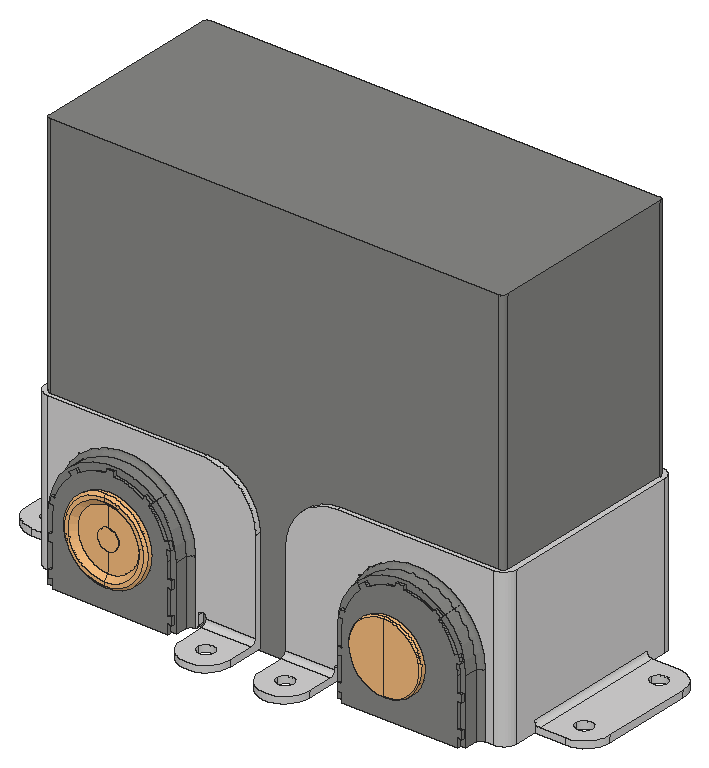
Revit family "Valve-One_Outlet_Thermostatic-KOHLER-K-26339_1", category Plumbing Fixtures, host Face, Revit 2017 (continued)
Definition of nested family "K-26339"
  Automatic sketch dimensions
    plane 12 "A" to curve 109 = 0.25591"
    curve 86 to curve 90 = 0.11811"
    curve 52 to curve 53 = 0.11811"
    curve 144 to curve 145 = 0.11811"
    curve 109 to curve 110 = 0.11811"
    plane 11 to curve 30 = 0.61024"
    curve 131 to curve 94 = 0.32718"
    curve 118 to curve 118 = 0.04664"
    curve 128 to curve 126 = 0.04664"
    curve 72 to curve 71 = 0.04664"
    curve 60 to curve 62 = 0.04664"
    curve 125 to curve 124 = 0.05918"
    curve 68 to curve 67 = 0.05918"
    curve 93 to curve 206 = 0.84371"
    curve 205 to curve 207 = 0.38428"
    curve 206 to curve 201 = 0.47517"
    curve 207 to curve 202 = 0.47517"
    curve 202 to curve 202 = 1.1811"
    curve 201 to curve 203 = 1.1811"
    curve 158 to plane 8 = 0.37402"
    plane 4 to curve 158 = 0.94488"
    level to curve 38 = 0.01969"
    curve 38 to curve 81 = 0.32315"
    plane 3 "Center (Left/Right)" to curve 205 = 0.00149"
    plane 5 to curve 158 = 0.94488"
    level to curve 103 = 0.01969"
    curve 138 to curve 103 = 0.32315"
    curve 101 to curve 96 = 0.09839"
    curve 30 to curve 36 = 0.09843"
    level to curve 157 = 0.33465"
    level to curve 43 = 0.34445"
    curve 150 to curve 151 = 0.01969"
    curve 42 to curve 44 = 0.03942"
    curve 41 to curve 40 = 0.05704"
    curve 151 to curve 155 = 0.11308"
    curve 40 to curve 46 = 0.07881"
    curve 152 to curve 154 = 0.05913"
    Extrusion 1 sketch curve to plane 19 = 0.15748"  (x2)
    plane 4 to Extrusion 1 sketch curve = 0.94488"
    Extrusion 1 sketch curve to plane 19 = 0.07874"
    Extrusion 1 sketch curve to Extrusion 1 sketch curve = 0.07874"  (x2)
    plane 5 to Extrusion 1 sketch curve = 1.02362"
    plane 20 to Extrusion 1 sketch curve = 0.07874"
    plane 4 to Extrusion 2 sketch curve = 0.84646"
    level to Extrusion 2 sketch curve = 0.01969"  (x4)
    Extrusion 2 sketch curve to plane 17 = 0.54331"
    Extrusion 2 sketch curve to Extrusion 2 sketch curve = 0.05118"  (x2)
    Extrusion 2 sketch curve to Extrusion 2 sketch curve = 0.05906"  (x2)
    Extrusion 2 sketch curve to plane 17 = 0.41339"
    Extrusion 2 sketch curve to plane 3 "Center (Left/Right)" = 0.22638"
    plane 3 "Center (Left/Right)" to Extrusion 2 sketch curve = 0.22638"
    Extrusion 2 sketch curve to plane 18 = 0.37402"
    Extrusion 2 sketch curve to plane 18 = 0.41339"
    plane 5 to Extrusion 2 sketch curve = 0.84646"
    Extrusion 2 sketch curve to Extrusion 2 sketch curve = 0.14564"  (x2)
    plane 11 to Extrusion 2 sketch curve = 0.61024"
    Extrusion 2 sketch curve to Extrusion 2 sketch curve = 0"
    Sweep 3 sketch curve to profile plane = 0"  (x2)
    Sweep 3 sketch curve to profile plane = 0.19685"
    Sweep 4 sketch curve to profile plane = 0"  (x2)
    Sweep 4 sketch curve to profile plane = 0.19685"
    profile plane to Sweep 5 sketch curve = 0"
    Sweep 5 sketch curve to profile plane = 0"
    Sweep 5 sketch curve to profile plane = 0.19685"
    profile plane to Sweep 6 sketch curve = 0"
    Sweep 6 sketch curve to profile plane = 0"
    Sweep 6 sketch curve to profile plane = 0.19685"
    Extrusion 7 sketch curve to Extrusion 7 sketch curve = 0"  (x12)
    Extrusion 7 sketch curve to plane 4 = 0"
    Extrusion 7 sketch curve to plane 15 = 0"  (x2)
    plane 16 to Extrusion 7 sketch curve = 0"  (x2)
    Extrusion 7 sketch curve to plane 19 = 0"  (x2)
    Extrusion 7 sketch curve to plane 20 = 0"  (x2)
    Extrusion 7 sketch curve to plane 17 = 0"  (x2)
    Extrusion 7 sketch curve to plane 18 = 0"  (x2)
    Extrusion 7 sketch curve to plane 5 = 0"
    plane 4 to Extrusion 7 sketch curve = 0.37402"  (x2)
    Extrusion 7 sketch curve to Extrusion 7 sketch curve = 0.47244"
    Extrusion 7 sketch curve to plane 17 = 0.37401"  (x2)
    plane 3 "Center (Left/Right)" to Extrusion 7 sketch curve = 0.22639"  (x2)
    plane 15 to Extrusion 7 sketch curve = 0.35433"
    plane 5 to Extrusion 7 sketch curve = 0.84646"
    plane 5 to Extrusion 7 sketch curve = 0.37402"  (x2)
    plane 14 to Extrusion 7 sketch curve = 0.07874"  (x2)
    plane 16 to Extrusion 7 sketch curve = 0.35433"
    Extrusion 7 sketch curve to Extrusion 7 sketch curve = 0.35433"
    Extrusion 7 sketch curve to plane 15 = 0.01969"
    plane 13 to Extrusion 7 sketch curve = 0.07874"  (x2)
    level to Extrusion 8 sketch curve = 0.01969"  (x2)
    Extrusion 8 sketch curve to plane 10 "1" = 0.95968"
    plane 11 to Extrusion 8 sketch curve = 0.00264"
    plane 10 "1" to Extrusion 8 sketch curve = 0.01473"
    plane 11 to Extrusion 8 sketch curve = 0.00659"
    Extrusion 8 sketch curve to plane 18 = 0.62008"
    Extrusion 8 sketch curve to plane 9 "2" = 0.17717"
    Extrusion 9 sketch curve to Extrusion 9 sketch curve = 0"  (x66)
    Extrusion 9 sketch curve to level = 0"  (x2)
    Extrusion 9 sketch curve to plane 11 = 0"  (x3)
    Extrusion 9 sketch curve to plane 10 "1" = 0"
    plane 9 "2" to Extrusion 9 sketch curve = 0"
    Extrusion 9 sketch curve to plane 12 "A" = 0"
    Extrusion 9 sketch curve to plane 10 "1" = 0.04432"
    Extrusion 9 sketch curve to Extrusion 9 sketch curve = 0.43249"  (x3)
    Extrusion 9 sketch curve to Extrusion 9 sketch curve = 0.03644"  (x8)
    Extrusion 9 sketch curve to Extrusion 9 sketch curve = 0.09307"  (x4)
    plane 11 to Extrusion 9 sketch curve = 0.26874"  (x4)
    Extrusion 9 sketch curve to Extrusion 9 sketch curve = 0.24912"  (x3)
    plane 11 to Extrusion 9 sketch curve = 0.15414"  (x3)
    Extrusion 9 sketch curve to Extrusion 9 sketch curve = 0.02857"  (x4)
    Extrusion 9 sketch curve to Extrusion 9 sketch curve = 0.01367"
    plane 11 to Extrusion 9 sketch curve = 0.28306"  (x4)
    Extrusion 9 sketch curve to Extrusion 9 sketch curve = 0.05742"  (x3)
    Extrusion 9 sketch curve to Extrusion 9 sketch curve = 0.05906"  (x9)
    plane 10 "1" to Extrusion 9 sketch curve = 0.07379"
    Extrusion 9 sketch curve to plane 17 = 0.7185"
    plane 12 "A" to Extrusion 9 sketch curve = 0.1378"
    Extrusion 9 sketch curve to plane 18 = 0.65945"
    plane 11 to Extrusion 9 sketch curve = 0.16845"
    Extrusion 9 sketch curve to Extrusion 9 sketch curve = 0.0153"
    level to Extrusion 9 sketch curve = 1.13839"
    plane 9 "2" to Extrusion 9 sketch curve = 0.44389"
    Extrusion 9 sketch curve to plane 9 "2" = 0.11811"
    Extrusion 9 sketch curve to Extrusion 9 sketch curve = 0.11811"  (x9)
    Extrusion 9 sketch curve to Extrusion 9 sketch curve = 0.1378"  (x3)
    level to Extrusion 9 sketch curve = 0.1378"
    plane 12 "A" to Extrusion 9 sketch curve = 0.25591"  (x3)
    Extrusion 9 sketch curve to Extrusion 9 sketch curve = 0.04664"  (x4)
    Extrusion 9 sketch curve to Extrusion 9 sketch curve = 0.05918"  (x2)
    Revolve 10 sketch curve to plane 11 = 0"  (x3)
    Revolve 10 sketch curve to plane 14 = 0"
    Revolve 10 sketch curve to plane 13 = 0"
    Revolve 10 sketch curve to plane 13 = 0.07881"
    plane 11 to Revolve 10 sketch curve = 0.46454"  (x2)
    Revolve 10 sketch curve to plane 14 = 0.07881"
    Revolve 10 sketch curve to Revolve 10 sketch curve = 0.07881"  (x2)
    Revolve 10 sketch curve to Revolve 10 sketch curve = 0.05704"  (x2)
    Revolve 10 sketch curve to Revolve 10 sketch curve = 0.03942"
    Revolve 10 sketch curve to plane 19 = 0.07874"
    Revolve 10 sketch curve to Revolve 10 sketch curve = 0.17527"
    Revolve 10 sketch curve to plane 13 = 0.03942"
    plane 20 to Revolve 10 sketch curve = 0.07874"
    Revolve 10 sketch curve to plane 14 = 0.03942"
    plane 6 to Revolve 10 sketch curve = 0.19685"
    Revolve 10 sketch curve to Revolve 10 sketch curve = 0.07874"
    plane 12 "A" to Revolve 11 sketch curve = 0"  (x3)
    Revolve 11 sketch curve to plane 13 = 0.01969"
    Revolve 11 sketch curve to plane 14 = 0.01969"
    plane 11 to Revolve 11 sketch curve = 0.43307"
    Revolve 11 sketch curve to plane 14 = 0.04488"
    Revolve 11 sketch curve to Revolve 11 sketch curve = 0.01969"  (x2)
    Revolve 11 sketch curve to Revolve 11 sketch curve = 0.0252"
    plane 19 to Revolve 11 sketch curve = 0.01969"
    Revolve 11 sketch curve to plane 20 = 0.01969"
    Revolve 11 sketch curve to Revolve 11 sketch curve = 0.07382"
    Revolve 11 sketch curve to Revolve 11 sketch curve = 0"
    Sweep 12 sketch curve to profile plane = 0"
    profile plane to Sweep 12 sketch curve = 0"
    profile plane to Sweep 12 sketch curve = 0.07874"
    profile plane to Sweep 13 sketch curve = 0"
    Sweep 13 sketch curve to profile plane = 0"
    Sweep 13 sketch curve to Sweep 13 sketch curve = 0.07874"
    Sweep 14 sketch curve to profile plane = 0"
    profile plane to Sweep 14 sketch curve = 0"
    profile plane to Sweep 14 sketch curve = 0.07874"
    profile plane to Sweep 15 sketch curve = 0"
    Sweep 15 sketch curve to profile plane = 0"
    Sweep 15 sketch curve to Sweep 15 sketch curve = 0.07874"
    plane 20 to Extrusion 16 sketch curve = 0.15748"
    plane 4 to Extrusion 16 sketch curve = 0.94488"
    Extrusion 16 sketch curve to Extrusion 16 sketch curve = 0.07874"  (x2)
    plane 20 to Extrusion 16 sketch curve = 0.07874"
    Extrusion 16 sketch curve to plane 19 = 0.07874"
    plane 5 to Extrusion 16 sketch curve = 1.02362"  (x2)
    level to Extrusion 17 sketch curve = 0.11811"  (x2)
    plane 4 to Extrusion 17 sketch curve = 0.76772"
    Extrusion 17 sketch curve to Extrusion 17 sketch curve = 0.07874"  (x2)
    plane 5 to Extrusion 17 sketch curve = 0.84646"
    Extrusion 18 sketch curve to plane 20 = 0"
    Extrusion 18 sketch curve to plane 19 = 0"
    Extrusion 18 sketch curve to plane 20 = 0.07874"
    Extrusion 18 sketch curve to Extrusion 18 sketch curve = 0.07874"
    level to Extrusion 18 sketch curve = 0.11811"  (x2)
    Extrusion 19 sketch curve to plane 20 = 0"
    Extrusion 19 sketch curve to plane 19 = 0"
    Extrusion 19 sketch curve to plane 20 = 0.07874"
    Extrusion 19 sketch curve to Extrusion 19 sketch curve = 0.07874"
    level to Extrusion 19 sketch curve = 0.11811"  (x2)
    Masking region 1 sketch curve to plane 20 = 0"
    Masking region 1 sketch curve to plane 19 = 0"
    plane 20 to Masking region 1 sketch curve = 0.19685"
    Masking region 1 sketch curve to Masking region 1 sketch curve = 0.19685"  (x2)
    Masking region 1 sketch curve to plane 19 = 0.19685"
    Masking region 2 sketch curve to plane 4 = 0"
    Masking region 2 sketch curve to level = 0"
    Masking region 2 sketch curve to plane 8 = 0"
    plane 5 to Masking region 2 sketch curve = 0"
    level to Masking region 2 sketch curve = 0.11811"  (x2)
    plane 4 to Masking region 2 sketch curve = 0.76772"
    plane 4 to Masking region 2 sketch curve = 0.84646"
    level to Masking region 2 sketch curve = 0.01969"  (x2)
    Masking region 2 sketch curve to Masking region 2 sketch curve = 0.15104"
    Masking region 2 sketch curve to Masking region 2 sketch curve = 0.02612"  (x2)
    plane 4 to Masking region 2 sketch curve = 0.94488"
    plane 5 to Masking region 2 sketch curve = 0.94488"  (x2)
    Masking region 2 sketch curve to Masking region 2 sketch curve = 0.0723"
    Masking region 2 sketch curve to Masking region 2 sketch curve = 0.07874"
    plane 11 to Masking region 2 sketch curve = 1.39764"  (x2)
    Masking region 3 sketch curve to plane 8 = 0"
    Masking region 3 sketch curve to plane 19 = 0"
    Masking region 3 sketch curve to plane 20 = 0"
    Masking region 3 sketch curve to plane 13 = 0"
    Masking region 3 sketch curve to plane 14 = 0"
    Masking region 3 sketch curve to plane 6 = 0"
    Masking region 3 sketch curve to plane 7 = 0"
    Masking region 3 sketch curve to level = 0"
    plane 11 to Masking region 3 sketch curve = 1.39764"  (x2)
    plane 20 to Masking region 3 sketch curve = 0.07874"
    Masking region 3 sketch curve to Masking region 3 sketch curve = 0.33789"  (x2)
    Masking region 3 sketch curve to Masking region 3 sketch curve = 0.07874"  (x3)
    Masking region 3 sketch curve to Masking region 3 sketch curve = 0.04783"  (x2)
    Masking region 3 sketch curve to plane 13 = 0.05906"
    Masking region 3 sketch curve to Masking region 3 sketch curve = 0.27373"
    Masking region 3 sketch curve to plane 14 = 0.09843"
    Masking region 3 sketch curve to Masking region 3 sketch curve = 0.29337"
    Masking region 3 sketch curve to Masking region 3 sketch curve = 0.05906"
    Masking region 3 sketch curve to Masking region 3 sketch curve = 0.03942"
    level to Masking region 3 sketch curve = 0.38387"  (x2)
    Masking region 3 sketch curve to plane 13 = 0.01969"
    Masking region 3 sketch curve to Masking region 3 sketch curve = 0.02954"
    Masking region 3 sketch curve to plane 14 = 0.04488"
    Masking region 3 sketch curve to Masking region 3 sketch curve = 0.04922"
    Masking region 3 sketch curve to Masking region 3 sketch curve = 0.03076"
    Masking region 3 sketch curve to Masking region 3 sketch curve = 0.11811"
    level to Masking region 3 sketch curve = 0.11811"
    level to Masking region 3 sketch curve = 0.01969"  (x2)
    Masking region 3 sketch curve to plane 13 = 0.03293"
    Masking region 3 sketch curve to Masking region 3 sketch curve = 0.02612"  (x2)
    Masking region 3 sketch curve to Masking region 3 sketch curve = 0.03937"  (x2)
    Masking region 3 sketch curve to plane 19 = 0.07874"
    Masking region 3 sketch curve to Masking region 3 sketch curve = 0.05354"
    Masking region 3 sketch curve to plane 14 = 0.05906"
    Masking region 3 sketch curve to plane 14 = 0.03942"
    curve 182 to plane 20 = 0"
    curve 159 to plane 19 = 0"
    curve 179 to plane 13 = 0"
    curve 198 to plane 14 = 0"
    curve 166 to plane 1 "Center (Front/Back)" = 0"
    curve 167 to level = 0"
    curve 165 to level = 0"
    curve 184 to level = 0"
    curve 186 to level = 0"
    level to curve 185 = 0.01969"
    curve 198 to plane 14 = 0.03942"
    curve 198 to curve 183 = 0.32476"
    plane 11 to curve 163 = 1.39764"
    curve 166 to plane 13 = 0.1378"
    curve 185 to plane 14 = 0.1378"
    level to curve 199 = 0.01969"
    curve 181 to curve 165 = 0.01969"
    curve 161 to curve 162 = 0.09843"
    curve 187 to curve 199 = 0.11811"
    curve 168 to plane 13 = 0.05906"
    curve 168 to curve 181 = 0.11811"
    curve 200 to curve 188 = 0.08854"
    curve 169 to curve 168 = 0.11811"
    curve 178 to plane 13 = 0.03942"
    curve 178 to curve 169 = 0.083"
    curve 179 to curve 178 = 0.00554"
    curve 198 to curve 197 = 0.03942"
    curve 179 to curve 179 = 0.03942"
    curve 170 to curve 179 = 0.24605"
    curve 189 to plane 14 = 0.09843"
    plane 12 "A" to curve 189 = 0.25591"
    curve 190 to curve 189 = 0.11811"
    curve 171 to curve 170 = 0.11811"
    plane 11 to curve 191 = 0.15414"
    plane 11 to curve 172 = 0.15414"
    curve 192 to curve 191 = 0.01432"
    curve 173 to curve 172 = 0.01432"
    curve 174 to curve 173 = 0.1146"
    curve 193 to curve 192 = 0.1146"
    curve 197 to curve 193 = 0.35675"
    curve 178 to curve 174 = 0.35675"
    curve 175 to curve 178 = 0.01255"
    curve 194 to curve 197 = 0.01255"
    curve 195 to curve 194 = 0.04664"
    curve 176 to curve 175 = 0.04664"
    curve 177 to curve 176 = 0.07272"
    curve 196 to curve 195 = 0.07272"
    curve 184 to curve 196 = 0.16146"
    curve 165 to curve 177 = 0.16146"
    curve 164 to curve 165 = 0.04783"
    curve 183 to curve 184 = 0.04783"
    curve 180 to plane 19 = 0.07874"
    curve 180 to plane 8 = 0.26084"
    plane 13 to curve 181 = 0.12123"
    curve 167 to plane 19 = 0.05063"
    curve 167 to curve 167 = 0.02811"
    plane 15 to curve 160 = 0.35433"
    plane 16 to curve 162 = 0.35433"
    plane 20 to curve 186 = 0.07874"
    plane 20 to curve 180 = 0.07874"
    curve 186 to curve 186 = 0.02811"
    plane 14 to curve 199 = 0.12123"
    Extrusion 20 sketch curve to plane 19 = 0.07874"
    plane 4 to Extrusion 20 sketch curve = 0.94488"
    plane 20 to Extrusion 20 sketch curve = 0.07874"
    plane 5 to Extrusion 20 sketch curve = 0.94488"
    Extrusion 21 sketch curve to level = 0"  (x2)
    Extrusion 21 sketch curve to plane 10 "1" = 0.86125"
    plane 11 to Extrusion 21 sketch curve = 0.00545"  (x2)
    plane 10 "1" to Extrusion 21 sketch curve = 0.01473"
    plane 9 "2" to Extrusion 21 sketch curve = 0.69882"
    Extrusion 21 sketch curve to plane 9 "2" = 0.17717"
    Extrusion 22 sketch curve to plane 20 = 0"  (x2)
    Extrusion 22 sketch curve to plane 19 = 0"  (x2)
    plane 4 to Extrusion 22 sketch curve = 0.84646"
    Extrusion 22 sketch curve to Extrusion 22 sketch curve = 0.09843"  (x2)
    Extrusion 22 sketch curve to plane 19 = 0.07874"  (x2)
    Extrusion 22 sketch curve to plane 3 "Center (Left/Right)" = 0.22638"  (x2)
    plane 3 "Center (Left/Right)" to Extrusion 22 sketch curve = 0.22638"  (x2)
    plane 5 to Extrusion 22 sketch curve = 0.94488"
    plane 20 to Extrusion 22 sketch curve = 0.07874"  (x2)
    Extrusion 23 sketch curve to Extrusion 23 sketch curve = 0"  (x16)
    Extrusion 23 sketch curve to plane 4 = 0"
    plane 16 to Extrusion 23 sketch curve = 0"  (x2)
    Extrusion 23 sketch curve to plane 15 = 0"  (x2)
    Extrusion 23 sketch curve to plane 6 = 0"  (x2)
    Extrusion 23 sketch curve to plane 19 = 0"  (x2)
    Extrusion 23 sketch curve to plane 20 = 0"  (x2)
    plane 7 to Extrusion 23 sketch curve = 0"  (x2)
    Extrusion 23 sketch curve to plane 17 = 0"  (x2)
    Extrusion 23 sketch curve to plane 18 = 0"  (x2)
    Extrusion 23 sketch curve to plane 5 = 0"
    plane 4 to Extrusion 23 sketch curve = 0.37402"  (x2)
    Extrusion 23 sketch curve to Extrusion 23 sketch curve = 0.47244"
    Extrusion 23 sketch curve to plane 17 = 0.37402"  (x2)
    Extrusion 23 sketch curve to plane 3 "Center (Left/Right)" = 0.22638"  (x2)
    plane 3 "Center (Left/Right)" to Extrusion 23 sketch curve = 0.22638"  (x2)
    Extrusion 23 sketch curve to plane 18 = 0.37401"  (x2)
    plane 16 to Extrusion 23 sketch curve = 0.35433"  (x2)
    Extrusion 23 sketch curve to Extrusion 23 sketch curve = 0.84646"
    plane 5 to Extrusion 23 sketch curve = 0.37402"  (x2)
    plane 14 to Extrusion 23 sketch curve = 0.07874"  (x2)
    plane 15 to Extrusion 23 sketch curve = 0.35433"  (x2)
    plane 13 to Extrusion 23 sketch curve = 0.07874"  (x2)
    Extrusion 23 sketch curve to Extrusion 23 sketch curve = 0.12598"  (x5)
    Extrusion 23 sketch curve to plane 17 = 0.12598"
    plane 18 to Extrusion 23 sketch curve = 0.12598"  (x2)
    Extrusion 24 sketch curve to plane 10 "1" = 0"
    Extrusion 24 sketch curve to plane 11 = 0"
    Extrusion 25 sketch curve to plane 10 "1" = 0"
    plane 9 "2" to Extrusion 25 sketch curve = 0"
    Extrusion 25 sketch curve to plane 12 "A" = 0"
    Extrusion 25 sketch curve to plane 11 = 0"
    Revolve 26 sketch curve to curve 208 = 0"
    Revolve 26 sketch curve to Revolve 26 sketch curve = 0.08362"
    curve 208 to Revolve 26 sketch curve = 0.11811"
    Revolve 26 sketch curve to Revolve 26 sketch curve = 0.26581"
    plane 11 to Revolve 11 sketch curve = 0.45276"
    Masking region 1 sketch curve to Masking region 1 sketch curve = 1.32741"
    plane 3 "Center (Left/Right)" to Masking region 1 sketch curve = 0.06398"
    Masking region 1 sketch curve to Masking region 1 sketch curve = 1.31416"
    plane 4 to Masking region 1 sketch curve = 0.84646"
    plane 5 to Masking region 1 sketch curve = 1.04331"
    curve 23 to plane 19 = 0"
    curve 24 to plane 19 = 0"
    curve 26 to plane 20 = 0"
    plane 20 to curve 19 = 0.15748"
    plane 4 to curve 19 = 0.94488"
    plane 20 to curve 20 = 0.07874"
    curve 18 to curve 18 = 0.07874"
    plane 5 to curve 20 = 1.02362"
    curve 17 to plane 19 = 0.07874"
    plane 5 to curve 17 = 1.02362"
    curve 22 to curve 21 = 0.07874"
    curve 27 to curve 18 = 0.09843"
    curve 18 to curve 23 = 0.01969"
    curve 23 to plane 3 "Center (Left/Right)" = 0.22638"
    plane 3 "Center (Left/Right)" to curve 24 = 0.22638"
    plane 3 "Center (Left/Right)" to curve 26 = 0.22638"
    curve 26 to curve 210 = 0.01969"
    curve 24 to curve 22 = 0.01969"
    curve 22 to curve 25 = 0.09843"
    curve 19 to curve 27 = 0.03937"
    curve 21 to curve 25 = 0.03937"
    curve 27 to curve 18 = 0.03937"
    curve 25 to curve 22 = 0.03937"
    curve 208 to plane 9 "2" = 0"
    radius of Extrusion 7 sketch curve = 0.12598"  (x8)
    radius of Extrusion 9 sketch curve = 0.54335"
    radius of Extrusion 9 sketch curve = 0.41841"
    radius of Extrusion 24 sketch curve = 0.15748"
    radius of Extrusion 25 sketch curve = 0.63981"
    radius of Extrusion 25 sketch curve = 0.55118"
